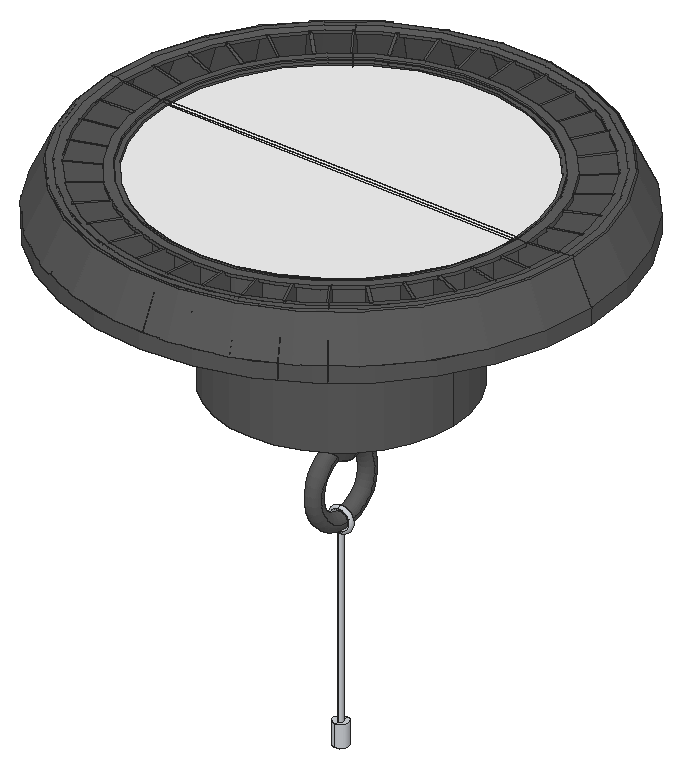
Revit family "0039352 Feilo Sylvania Lighting Fixture START HIGHBAY 6K 26KLM WIDE pendant", category Lighting Fixtures, host Face, Revit 2017
Family settings
  Host = Face
  Round Connector Dimension = Use Diameter
  Part Type = Normal
  OmniClass Number = 23.80.70.00
  OmniClass Title = Lighting
  Cut with Voids When Loaded = No
  Light Source = Yes
  Shared = No
  Room Calculation Point = No
Parameters (values of type "0039352 START HIGHBAY 6K 26KLM WIDE ")
  WidthStraight_FEILO = if(SizeS_FEILO, 3 mm, if(SizeM_FEILO, 4 mm, 4.7 mm))  # 4.7 mm
  WidthRingChamfer_FEILO = if(SizeS_FEILO, 10.3 mm, if(SizeM_FEILO, 11.2 mm, 12.9 mm))  # 12.9 mm
  WidthCurved_FEILO = if(SizeS_FEILO, 17.4 mm, if(SizeM_FEILO, 16.4 mm, 26.2 mm))  # 26.2 mm
  WidthCurvedRing_FEILO = if(SizeS_FEILO, 3 mm, if(SizeM_FEILO, 4 mm, 4.7 mm))  # 4.7 mm
  WidthBracket_FEILO = 40 mm
  Weight = "3.7 kg"
  Wattage Comments = ""
  Wattage = 200 W
  WarrantyStartDate [instance] = "n/a"
  WarrantyGuarantorParts = "n/a"
  WarrantyDurationUnit = "n/a"
  WarrantyDurationParts = "n/a"
  WarrantyDescription = "n/a"
  built-in parameter 1150110 = 1 (stored number, unit not read)
  Voltage = 230 V
  VisibilityBracket_FEILO = no
  URL = "http://www.sylvania-lighting.com"
  TypeName = "START HIGHBAY 6K 26KLM WIDE"
  Type Image = <None>
  Type Comments = "n/a"
  built-in parameter 1114217 = 1 (stored number, unit not read)
  Tilt Angle = -90.00°
  ThicknessWall_FEILO = 1.5 mm
  ThicknessBracket_FEILO = 1.5 mm
  ThicknessBracketHalf_FEILO = ThicknessBracket_FEILO / 2  # 0.75 mm
  built-in parameter 1150109 = 1 (stored number, unit not read)
  built-in parameter 1150134 = 1
  SuspensionHeight_FEILO [instance] = 350 mm
  built-in parameter 1150113 = 1 (stored number, unit not read)
  SizeS_FEILO = no
  SizeM_FEILO = no
  SerialNumber [instance] = "n/a"
  Rib4_FEILO = if(SizeS_FEILO, 18.1 mm, if(SizeM_FEILO, 13.6 mm, 14.6 mm))  # 14.6 mm
  Rib3_FEILO = if(SizeS_FEILO, 15.3 mm, if(SizeM_FEILO, 17.6 mm, 20.2 mm))  # 20.2 mm
  Rib2_FEILO = if(SizeS_FEILO, 3.6 mm, if(SizeM_FEILO, 3.9 mm, 4.5 mm))  # 4.5 mm
  Rib1_FEILO = if(SizeS_FEILO, 15.1 mm, if(SizeM_FEILO, 16.5 mm, 19 mm))  # 19 mm
  RadiusDiffuser_FEILO = if(SizeS_FEILO, 95.2 mm, if(SizeM_FEILO, 105.3 mm, 120 mm))  # 120 mm
  RadiusArrayPost_FEILO = DriverRadius_FEILO - 6 mm  # 70.4 mm
  RHRadius3_FEILO = if(SizeS_FEILO, 6.6 mm, if(SizeM_FEILO, 7.4 mm, 8.6 mm))  # 8.6 mm
  RHRadius2_FEILO = if(SizeS_FEILO, 11 mm, if(SizeM_FEILO, 12 mm, 14 mm))  # 14 mm
  RHRadius1_FEILO = if(SizeS_FEILO, 13.6 mm, if(SizeM_FEILO, 14.9 mm, 17.7 mm))  # 17.7 mm
  RHHeight4_FEILO = if(SizeS_FEILO, 7.3 mm, if(SizeM_FEILO, 8 mm, 9.2 mm))  # 9.2 mm
  RHHeight3_FEILO = if(SizeS_FEILO, 3.6 mm, if(SizeM_FEILO, 3.7 mm, 4.6 mm))  # 4.6 mm
  RHHeight2_FEILO = if(SizeS_FEILO, 2 mm, if(SizeM_FEILO, 2.2 mm, 2.6 mm))  # 2.6 mm
  RHHeight1_FEILO = if(SizeS_FEILO, 11.8 mm, if(SizeM_FEILO, 15.3 mm, 17.4 mm))  # 17.4 mm
  Photometric Web File = "0039352.ies"
  Material_3_FEILO = LED-Sylvania-StartHighbay-Glow
  PowerFactor = 0.95
  PowerConsumption = "200 W"
  NominalLength = 339 mm
  NominalHeight = 194 mm
  NominalDepth = 339 mm
  Name = "START HIGHBAY 6K 26KLM WIDE"
  ModelReference = Name  # "START HIGHBAY 6K 26KLM WIDE"
  ModelNumber = "0039352"
  Model = Name  # "START HIGHBAY 6K 26KLM WIDE"
  Material = "aluminium alloy housing, polycarbonate diffuser"
  ManufacturerName = "Feilo Sylvania"
  Manufacturer = "Feilo Sylvania"
  LuminousEfficacy = "130 lm/W"
  built-in parameter 1150105 = 13836.2 (stored number, unit not read)
  Lumens = 26000 lm
  LuminaireType = ""
  built-in parameter 1150115 = 1 (stored number, unit not read)
  LightOutputRatio = "n/a"
  built-in parameter 1150137 = (empty or 0)
  built-in parameter 1150139 = (empty or 0)
  LampsType = Lamp  # "LED"
  LampNominalLuminous = "26000 lm"
  LampMacAdamStep = "n/a"
  LampColourTemperature = "6500 K"
  LampColourRenderingIndex = "80"
  built-in parameter 1150112 = 1 (stored number, unit not read)
  built-in parameter 1150114 = 1 (stored number, unit not read)
  Lamp = "LED"
  Keynote = "16500"
  InstallationDate [instance] = "n/a"
  InputVoltage = "220-240V~"
  InputNominalFrequency = "50/60 Hz"
  built-in parameter 1150132 = (empty or 0)
  built-in parameter 1150102 = (empty or 0)
  built-in parameter 1150107 = 6500 (stored number, unit not read)
  built-in parameter 1150138 = (empty or 0)
  IngressProtection = "IP65"
  ImpactProtectionIndex = "IK08"
  built-in parameter 1150106 = 138.36 (stored number, unit not read)
  IfcExportType = "IfcLightFixtureType"
  IfcExportAs = "IfcLightFixtureType"
  HeightRing_FEILO = if(SizeS_FEILO, 19.8 mm, if(SizeM_FEILO, 32 mm, 36.8 mm))  # 36.8 mm
  HeightRingChamfer_FEILO = if(SizeS_FEILO, 11.7 mm, if(SizeM_FEILO, 23.2 mm, 26.6 mm))  # 26.6 mm
  EyeThickness_FEILO = if(SizeS_FEILO, 8.4 mm, if(SizeM_FEILO, 9.2 mm, 10.5 mm))  # 10.5 mm
  EyeThicknessHalf_FEILO = EyeThickness_FEILO / 2  # 5.25 mm
  EyeInner_FEILO = if(SizeS_FEILO, 13.8 mm, if(SizeM_FEILO, 15.1 mm, 17.3 mm))  # 17.3 mm
  ExpectedLife = 50000
  Emit from Circle Diameter = RadiusDiffuser_FEILO * 2  # 240 mm
  Emit Shape Visible in Rendering = no
  ElectricShockClassification = "Class I"
  built-in parameter 1150104 = 12.077 (stored number, unit not read)
  DurationUnit = "hours"
  DriverVerticalStraight_FEILO = if(SizeS_FEILO, 46.5 mm, if(SizeM_FEILO, 49.7 mm, 57 mm))  # 57 mm
  DriverVerticalChamfer_FEILO = if(SizeS_FEILO, 7.5 mm, if(SizeM_FEILO, 8.2 mm, 9.5 mm))  # 9.5 mm
  DriverRadius_FEILO = if(SizeS_FEILO, 61.4 mm, if(SizeM_FEILO, 67.2 mm, 76.4 mm))  # 76.4 mm
  DriverRadiusTop_FEILO = if(SizeS_FEILO, 42 mm, if(SizeM_FEILO, 45.3 mm, 52.4 mm))  # 52.4 mm
  DriverBottom_FEILO = if(SizeS_FEILO, 56 mm, if(SizeM_FEILO, 64.5 mm, 74 mm))  # 74 mm
  DocumentationLiterature = "http://www.sylvania-lighting.com/product/en-int/products/0039352"
  DimmingControlOptions = "n/a"
  Material_2_FEILO = Diffuser-Sylvania-StartHighbay-Transparent
  Radius_FEILO = if(SizeS_FEILO, 135 mm, if(SizeM_FEILO, 148 mm, 169.5 mm))  # 169.5 mm
  Dimming Lamp Color Temperature Shift = <None>
  DiameterWire_FEILO = 3 mm
  DiameterWireSupport_FEILO = 10 mm
  Description = "START HIGHBAY, includes 1 m cables, black aluminium housing, 26000LM, 200W, 130lm/W, 6500K, Driver current: 5000mA, CR80, 60° beam angle, 1-10V dimmable,  IP65, IK08, 50,000 hrs (L70B50), (LxWxH) 339x339x194mm"
  Default Elevation = 1219.2 mm
  CreatedOn = "2/28/2018"
  CreatedBy = ""
  Cost = 0
  Color Filter = 16777215
  built-in parameter 1114216 [instance] = (empty or 0)
  ClassificationValue = "EF_70_80"
  ClassificationName = "Uniclass2015"
  Material_1_FEILO = Body-Sylvania-StartHighbay-Black
  BarCode [instance] = "n/a"
  built-in parameter 1114218 = 1 (stored number, unit not read)
  built-in parameter 1150133 = 10 (stored number, unit not read)
  AssetType = "Fixed"
  AssetIdentifier [instance] = "n/a"
  Assembly Code = "D5020200"
  Apparent Load = 200 VA
  Material_4_FEILO = none
Reference planes
  plane 1 "Center (Front/Back)": y = 0
  plane 2: z = 0
  plane 3 "Center (Left/Right)": x = 0
  plane 4: z = 350
  plane 5: x = -169.5
  plane 6: x = -156.6
  plane 7: z = 323.4
  plane 8: z = 313.2
  plane 9: x = -151.9
  plane 10: z = 347.375
  plane 11: x = -125.7
  plane 12: x = -120
  plane 13: x = -147.2
  plane 14: z = 348.375
  plane 15: z = 346.375
  plane 16: x = -117
  plane 17: z = 345.375
  plane 18: x = -168
  plane 19: x = -150.5
  plane 20: z = 308.7
  plane 21: x = -130.3
  plane 22: z = 294.1
  plane 23: x = -20
  plane 24: z = 276
  plane 25: x = -76.4
  plane 26: z = 219
  plane 27: x = -52.4
  plane 28: z = 209.5
  plane 29: x = -17.7
  plane 30: z = 192.1
  plane 31: z = 189.5
  plane 32: x = -14
  plane 33: z = 184.9
  plane 34: z = 175.7
  plane 35: x = -8.6
  plane 36: z = 158.4
  plane 37: z = 141.1
  plane 38: x = 5.25
  plane 39: x = -5.25
  plane 40: z = 130.6
  plane 41: z = 135.85
  plane 42: x = -162.3
  plane 43: x = -167
  plane 44: z = 311.7
  plane 45: x = -155.1
  plane 46: z = 247.5
  plane 47: y = -20
  plane 48: y = 20
  plane 49: x = 169.5
  plane 50: x = 156.6
  plane 51: x = 168
  plane 52: x = 162.3
  plane 53: x = 167
  plane 54: x = 155.1
  plane 55: z = 144.1
  plane 56: y = 1.5
  plane 57: y = -1.5
  plane 58: z = 142.6
  plane 59: z = 129.1
  plane 60: z = 127.6
  plane 61: y = -5
  plane 62: y = 5
  plane 63: z = 14
Forms (mm)
  Revolve 1, solid, material "Body-Sylvania-StartHighbay-Black" <- "Material_1_FEILO", detail levels medium+fine
    sketch origin (0, 0, 0) x (1, 0, 0) y (0, 0, 1)
      loop
        line (-169.5, 313.2) -> (-168, 313.2) -> (-168, 323.055) -> (-156.206, 347.375) -> (-147.2, 347.375) -> (-147.2, 349.137)
        arc (-147.2, 349.137) -> (-149.554, 349.547) -> (-151.9, 350) r 132.063
        line (-151.9, 350) -> (-156.141, 350)
        arc (-156.141, 350) -> (-156.63, 349.826) -> (-156.899, 349.383) r 0.774
        line (-156.899, 349.383) -> (-169.5, 323.4) -> (-169.5, 313.2)
      axis (0, 350) -> (0, 313.2)
    angle from 360 to 0
  Revolve 2, solid, material "Body-Sylvania-StartHighbay-Black" <- "Material_1_FEILO", detail levels medium+fine
    sketch origin (0, 0, 0) x (1, 0, 0) y (0, 0, 1)
      loop
        line (-125.7, 345.375) -> (-120, 345.375) -> (-120, 323.4) -> (0, 323.4) -> (0, 345.375) -> (-117, 345.375) -> (-117, 346.375) -> (-120, 346.375) -> (-120, 347.375) -> (-125.7, 347.375) -> (-125.7, 345.375)
      axis (0, 347.375) -> (0, 323.4)
    angle from 360 to 0
  Revolve 3, solid, material "Diffuser-Sylvania-StartHighbay-Transparent" <- "Material_2_FEILO", detail levels medium+fine
    sketch origin (0, 0, 0) x (1, 0, 0) y (0, 0, 1)
      loop
        line (-120, 346.375) -> (0, 346.375) -> (0, 348.375) -> (-120, 348.375) -> (-120, 346.375)
      axis (0, 348.375) -> (0, 346.375)
    angle from 360 to 0
  Revolve 4, solid, material "Body-Sylvania-StartHighbay-Black" <- "Material_1_FEILO"
    sketch origin (0, 0, 0) x (1, 0, 0) y (0, 0, 1)
      loop
        line (-76.4, 294.1) -> (-76.4, 219) -> (-52.4, 209.5) -> (-17.7, 209.5) -> (-17.7, 192.1) -> (-14, 189.5) -> (-14, 184.9) -> (-9.037, 176.426)
        arc (-9.037, 176.426) -> (-8.49, 175.894) -> (-7.753, 175.7) r 1.5
        line (-7.753, 175.7) -> (0, 175.7) -> (0, 294.1) -> (-76.4, 294.1)
      axis (0, 294.1) -> (0, 175.7)
    angle from 360 to 0
  Revolve 5, solid, material "Body-Sylvania-StartHighbay-Black" <- "Material_1_FEILO"
    sketch origin (0, 0, 0) x (1, 0, 0) y (0, 0, 1)
      loop
        circle (0, 135.85) r 5.25
      axis (5.25, 158.4) -> (-5.25, 158.4)
    angle from 360 to 0
  Extrusion 6, solid, material "Body-Sylvania-StartHighbay-Black" <- "Material_1_FEILO", visible <- "VisibilityBracket_FEILO"
    sketch origin (0, 0, 0) x (1, 0, 0) y (0, 0, 1)
      loop
        line (-167, 313.2) -> (-167, 311.7) -> (-157.35, 311.7)
        arc (-157.35, 311.7) -> (-156.82, 311.48) -> (-156.6, 310.95) r 0.75
        line (-156.6, 310.95) -> (-156.6, 247.5) -> (-155.1, 247.5) -> (-155.1, 311.7)
        arc (-155.1, 311.7) -> (-155.539, 312.761) -> (-156.6, 313.2) r 1.5
        line (-156.6, 313.2) -> (-167, 313.2)
      loop
        line (167, 313.2) -> (156.6, 313.2)
        arc (156.6, 313.2) -> (155.539, 312.761) -> (155.1, 311.7) r 1.5
        line (155.1, 311.7) -> (155.1, 247.5) -> (156.6, 247.5) -> (156.6, 310.95)
        arc (156.6, 310.95) -> (156.82, 311.48) -> (157.35, 311.7) r 0.75
        line (157.35, 311.7) -> (167, 311.7) -> (167, 313.2)
    from -20 to 20
  Extrusion 7, void
    sketch origin (0, 0, 0) x (0, 1, 0) y (0, 0, 1)
      loop
        arc (-10, 247.5) -> (-17.071, 250.429) -> (-20, 257.5) r 10
        line (-20, 257.5) -> (-25, 257.5) -> (-25, 242.5) -> (-10, 242.5) -> (-10, 247.5)
      loop
        line (10, 247.5) -> (10, 242.5) -> (25, 242.5) -> (25, 257.5) -> (20, 257.5)
        arc (20, 257.5) -> (17.071, 250.429) -> (10, 247.5) r 10
    from -156.6 to 156.6
  Revolve 8, solid, material "Body-Sylvania-StartHighbay-Black" <- "Material_1_FEILO", detail levels coarse
    sketch origin (0, 0, 0) x (1, 0, 0) y (0, 0, 1)
      loop
        line (0, 350) -> (-156.6, 350) -> (-169.5, 323.4) -> (-169.5, 313.2) -> (-150.5, 313.2) -> (-150.5, 308.7) -> (-130.3, 294.1) -> (0, 294.1) -> (0, 350)
      axis (0, 350) -> (0, 294.1)
    angle from 360 to 0
  Revolve 9, solid
    sketch origin (0, 0, 0) x (0, 1, 0) y (0, 0, 1)
      loop
        circle (0, 142.6) r 1.5
      axis (1.5, 135.85) -> (-1.5, 135.85)
    angle from 360 to 0
  Revolve 10, solid
    sketch origin (0, 0, 0) x (0, 1, 0) y (0, 0, 1)
      loop
        line (0, 0) -> (0, 129.1) -> (-1.5, 129.1) -> (-1.5, 14) -> (-5, 14) -> (-5, 0) -> (0, 0)
      axis (0, 0) -> (0, 129.1)
    angle from 360 to 0
Cuts and joins
  Extrusion 7 cuts Extrusion 6
Lines and regions (mm)
  reference lines
    curve 1: line (-169.5, 0, 323.4) -> (-156.6, 0, 350)
    curve 2: line (-125.7, 0, 347.375) -> (0, 0, 347.375)
    curve 3: arc (-125.7, 0, 347.375) -> (-138.866, 0, 348.033) -> (-151.9, 0, 350) r 132.063
    curve 4: line (-156.6, 0, 350) -> (-151.9, 0, 350)
    curve 5: line (-156.206, 0, 347.375) -> (-168, 0, 323.055)
    curve 6: line (-150.5, 0, 308.7) -> (-130.3, 0, 294.1)
    curve 7: line (-14, 0, 184.9) -> (-8.6, 0, 175.7)
    curve 8: circle (0, 0, 135.85) r 5.25 normal (0, -1, 0)
Dimensions and locks
  "Radius_FEILO": plane 3 "Center (Left/Right)" to plane 5
  "WidthRingChamfer_FEILO": plane 6 to plane 5
  "WidthStraight_FEILO": plane 9 to plane 6
  "WidthCurvedRing_FEILO": plane 13 to plane 9
  locked: plane 10 to plane 15 at 1
  locked: plane 14 to plane 10 at 1
  locked: plane 4 to plane 10 at 2.625
  locked: plane 15 to plane 17 at 1
  "ThicknessWall_FEILO": plane 18 to plane 5
  "ThicknessWall_FEILO": curve 5 to curve 1
  "HeightRingChamfer_FEILO": plane 4 to plane 7
  "HeightRing_FEILO": plane 4 to plane 8
  "RadiusDiffuser_FEILO": plane 3 "Center (Left/Right)" to plane 12
  locked: plane 16 to plane 12 at 3
  "WidthCurved_FEILO": plane 11 to plane 9
  "SuspensionHeight_FEILO": plane 4 to plane 2
  "Rib1_FEILO": plane 19 to plane 5
  "Rib2_FEILO": plane 8 to plane 20
  "Rib3_FEILO": plane 21 to plane 19
  "Rib4_FEILO": plane 20 to plane 22
  locked: plane 3 "Center (Left/Right)" to plane 23 at 20
  "DriverBottom_FEILO": plane 4 to plane 24
  "DriverRadius_FEILO": plane 3 "Center (Left/Right)" to plane 25
  "DriverVerticalStraight_FEILO": plane 24 to plane 26
  "DriverRadiusTop_FEILO": plane 3 "Center (Left/Right)" to plane 27
  "DriverVerticalChamfer_FEILO": plane 26 to plane 28
  "RHRadius1_FEILO": plane 3 "Center (Left/Right)" to plane 29
  "RHHeight2_FEILO": plane 30 to plane 31
  "RHRadius2_FEILO": plane 3 "Center (Left/Right)" to plane 32
  "RHHeight3_FEILO": plane 31 to plane 33
  "RHHeight4_FEILO": plane 33 to plane 34
  "RHRadius3_FEILO": plane 3 "Center (Left/Right)" to plane 35
  "RHHeight1_FEILO": plane 28 to plane 30
  "EyeInner_FEILO": plane 34 to plane 36
  "EyeInner_FEILO": plane 36 to plane 37
  equal spacing: plane 38, plane 3 "Center (Left/Right)", plane 39
  "EyeThickness_FEILO": plane 38 to plane 39
  "EyeThickness_FEILO": plane 37 to plane 40
  equal spacing: plane 37, plane 41, plane 40
  equal spacing: plane 6, plane 42, plane 18
  "ThicknessBracket_FEILO": plane 45 to plane 6
  "ThicknessBracket_FEILO": plane 8 to plane 44
  locked: plane 43 to plane 18 at 1
  equal spacing: plane 24, plane 46, plane 26
  equal spacing: plane 47, plane 1 "Center (Front/Back)", plane 48
  "WidthBracket_FEILO": plane 47 to plane 48
  "WidthRingChamfer_FEILO": plane 50 to plane 49
  "ThicknessWall_FEILO": plane 51 to plane 49
  equal spacing: plane 50, plane 52, plane 51
  "ThicknessBracket_FEILO": plane 54 to plane 50
  locked: plane 53 to plane 51 at 1
  "Radius_FEILO": plane 49 to plane 3 "Center (Left/Right)"
  equal spacing: plane 57, imposter light, plane 56
  "DiameterWire_FEILO": plane 57 to plane 56
  "DiameterWire_FEILO": plane 37 to plane 55
  equal spacing: plane 37, plane 58, plane 55
  "DiameterWire_FEILO": plane 60 to plane 40
  equal spacing: plane 60, plane 59, plane 40
  equal spacing: plane 61, plane 1 "Center (Front/Back)", plane 62
  "DiameterWireSupport_FEILO": plane 61 to plane 62
  locked: plane 63 to plane 2 at 14
  "EyeThicknessHalf_FEILO": radius of curve 8
  "ThicknessBracket_FEILO": radius of Extrusion 6 sketch curve  (x2)
  "ThicknessBracketHalf_FEILO": radius of Extrusion 6 sketch curve  (x2)
  "DiameterWire_FEILO": diameter of Revolve 9 sketch curve
  aligned and locked: plane 2 to host face
  aligned and locked: level to host face
  aligned and locked: plane 5 to curve 1
  aligned and locked: plane 6 to curve 1
  aligned and locked: plane 7 to curve 1
  aligned and locked: plane 10 to curve 2
  aligned and locked: plane 9 to curve 3
  aligned and locked: plane 4 to curve 3
  aligned and locked: plane 11 to curve 3
  aligned and locked: plane 4 to curve 4
  aligned and locked: plane 18 to curve 5
  aligned and locked: plane 10 to curve 5
  aligned and locked: Revolve 1 sketch curve to plane 3 "Center (Left/Right)"
  aligned and locked: Revolve 1 sketch curve to curve 3
  aligned and locked: Revolve 1 sketch curve to curve 1
  aligned and locked: plane 4 to Revolve 1 sketch curve
  aligned and locked: plane 9 to Revolve 1 sketch curve
  aligned and locked: Revolve 1 sketch curve to plane 13
  aligned and locked: Revolve 1 sketch curve to plane 10
  aligned and locked: plane 13 to Revolve 1 sketch curve
  aligned and locked: plane 10 to Revolve 1 sketch curve
  aligned and locked: Revolve 1 sketch curve to plane 18
  aligned and locked: Revolve 1 sketch curve to plane 8
  aligned and locked: plane 5 to Revolve 1 sketch curve  (x2)
  aligned and locked: Revolve 2 sketch curve to plane 3 "Center (Left/Right)"
  aligned and locked: plane 11 to Revolve 2 sketch curve
  aligned and locked: Revolve 2 sketch curve to curve 2
  aligned and locked: plane 15 to Revolve 2 sketch curve
  aligned and locked: Revolve 2 sketch curve to plane 16
  aligned and locked: plane 17 to Revolve 2 sketch curve  (x2)
  aligned and locked: Revolve 2 sketch curve to plane 12
  aligned and locked: plane 7 to Revolve 2 sketch curve
  aligned and locked: Revolve 3 sketch curve to plane 3 "Center (Left/Right)"
  aligned and locked: Revolve 3 sketch curve to plane 14
  aligned and locked: plane 3 "Center (Left/Right)" to Revolve 3 sketch curve
  aligned and locked: Revolve 3 sketch curve to plane 12
  aligned and locked: plane 15 to Revolve 3 sketch curve
  aligned and locked: Revolve 1 sketch curve to curve 5
  aligned and locked: plane 22 to curve 6
  aligned and locked: plane 21 to curve 6
  aligned and locked: plane 20 to curve 6
  aligned and locked: plane 19 to curve 6
  aligned and locked: plane 33 to curve 7
  aligned and locked: plane 32 to curve 7
  aligned and locked: plane 35 to curve 7
  aligned and locked: plane 34 to curve 7
  aligned and locked: Revolve 4 sketch curve to plane 3 "Center (Left/Right)"
  aligned and locked: Revolve 4 sketch curve to plane 25
  aligned and locked: plane 27 to Revolve 4 sketch curve
  aligned and locked: plane 28 to Revolve 4 sketch curve
  aligned and locked: plane 30 to Revolve 4 sketch curve
  aligned and locked: Revolve 4 sketch curve to plane 29
  aligned and locked: plane 31 to Revolve 4 sketch curve
  aligned and locked: Revolve 4 sketch curve to curve 7
  aligned and locked: Revolve 4 sketch curve to plane 32
  aligned and locked: plane 34 to Revolve 4 sketch curve
  aligned and locked: plane 3 "Center (Left/Right)" to Revolve 4 sketch curve
  aligned and locked: plane 3 "Center (Left/Right)" to curve 8
  aligned and locked: plane 41 to curve 8
  aligned and locked: Revolve 5 sketch curve to plane 36
  aligned and locked: Revolve 5 sketch curve to curve 8
  aligned and locked: plane 43 to Extrusion 6 sketch curve  (x2)
  aligned and locked: plane 8 to Extrusion 6 sketch curve  (x3)
  aligned and locked: Extrusion 6 sketch curve to plane 45
  aligned and locked: Extrusion 6 sketch curve to plane 46  (x2)
  aligned and locked: plane 6 to Extrusion 6 sketch curve
  aligned and locked: Extrusion 6 sketch curve to plane 44  (x2)
  aligned and locked: Extrusion 6 to plane 48
  aligned and locked: plane 47 to Extrusion 6
  aligned and locked: plane 53 to Extrusion 6 sketch curve
  aligned and locked: plane 50 to Extrusion 6 sketch curve
  aligned and locked: Extrusion 6 sketch curve to plane 54
  aligned and locked: Extrusion 7 sketch curve to Extrusion 7 sketch curve
  aligned and locked: Extrusion 7 to plane 6
  aligned and locked: Extrusion 7 to Extrusion 6
  aligned and locked: Revolve 4 sketch curve to plane 22
  aligned and locked: plane 23 to nested 1
  aligned and locked: plane 1 "Center (Front/Back)" to nested 1
  aligned and locked: Revolve 8 sketch curve to plane 3 "Center (Left/Right)"
  aligned and locked: Revolve 8 sketch curve to plane 4
  aligned and locked: plane 6 to Revolve 8 sketch curve
  aligned and locked: plane 4 to Revolve 8 sketch curve
  aligned and locked: plane 7 to Revolve 8 sketch curve
  aligned and locked: Revolve 8 sketch curve to plane 5
  aligned and locked: plane 8 to Revolve 8 sketch curve  (x2)
  aligned and locked: Revolve 8 sketch curve to plane 19
  aligned and locked: plane 20 to Revolve 8 sketch curve
  aligned and locked: plane 19 to Revolve 8 sketch curve
  aligned and locked: plane 21 to Revolve 8 sketch curve
  aligned and locked: plane 22 to Revolve 8 sketch curve  (x2)
  aligned and locked: Revolve 8 sketch curve to Revolve 8 sketch curve
  aligned and locked: imposter light to plane 4
  aligned and locked: plane 3 "Center (Left/Right)" to imposter light
  aligned and locked: imposter light to plane 1 "Center (Front/Back)"
  aligned and locked: Revolve 9 sketch curve to plane 41
  aligned and locked: Revolve 10 sketch curve to plane 1 "Center (Front/Back)"
  aligned and locked: plane 1 "Center (Front/Back)" to Revolve 10 sketch curve  (x2)
  aligned and locked: host face to Revolve 10 sketch curve
  aligned and locked: plane 63 to Revolve 10 sketch curve
  aligned and locked: Revolve 10 sketch curve to plane 61
  aligned and locked: Revolve 10 sketch curve to plane 57
  aligned and locked: plane 59 to Revolve 10 sketch curve
Automatic sketch dimensions
  host sketch curve to host sketch curve = 2438.4 mm  (x2)
  curve 2 to plane 3 "Center (Left/Right)" = 0 mm
  Revolve 1 sketch curve to plane 6 = 0.299 mm
  plane 6 to Revolve 1 sketch curve = 0.459 mm
  Revolve 1 sketch curve to level = 609.6 mm
  Revolve 1 sketch curve to Revolve 1 sketch curve = 2312.223 mm
  Revolve 2 sketch curve to plane 12 = 0 mm
  Revolve 2 sketch curve to plane 3 "Center (Left/Right)" = 0 mm
  Revolve 2 sketch curve to level = 609.6 mm
  Revolve 2 sketch curve to plane 4 = 2339.058 mm
  Revolve 3 sketch curve to level = 609.6 mm
  Revolve 3 sketch curve to plane 4 = 2339.058 mm
  Revolve 5 sketch curve to plane 5 = 1080 mm
  plane 38 to Revolve 5 sketch curve = 1219.2 mm
  Extrusion 7 sketch curve to plane 47 = 0 mm
  plane 46 to Extrusion 7 sketch curve = 0 mm  (x2)
  Extrusion 7 sketch curve to plane 48 = 0 mm
  plane 47 to Extrusion 7 sketch curve = 5 mm
  plane 1 "Center (Front/Back)" to Extrusion 7 sketch curve = 10 mm
  Extrusion 7 sketch curve to Extrusion 7 sketch curve = 10 mm
  plane 46 to Extrusion 7 sketch curve = 5 mm
  Extrusion 7 sketch curve to Extrusion 7 sketch curve = 5 mm
  Extrusion 7 sketch curve to plane 48 = 5 mm
  Revolve 4 sketch curve to plane 26 = 0 mm
  Revolve 4 sketch curve to plane 35 = 0.437 mm
  plane 35 to Revolve 4 sketch curve = 0.847 mm
  Revolve 4 sketch curve to plane 34 = 0.726 mm
  plane 40 to Revolve 4 sketch curve = 590.2 mm
  Revolve 4 sketch curve to plane 4 = 2339.058 mm
  Revolve 8 sketch curve to level = 609.6 mm
  Revolve 8 sketch curve to Revolve 8 sketch curve = 2386.058 mm
  Revolve 9 sketch curve to plane 1 "Center (Front/Back)" = 0 mm
  plane 58 to Revolve 9 sketch curve = 0 mm
  plane 47 to Revolve 9 sketch curve = 2534.941 mm
  Revolve 9 sketch curve to plane 48 = 2077.409 mm
  Revolve 10 sketch curve to Revolve 10 sketch curve = 609.6 mm
  Revolve 10 sketch curve to plane 4 = 2123.807 mm
Nested families
  nested 1: "Start Highbay Rib" at (0, 0, 347.375), type "Type Name", detail levels medium+fine
    with SuspensionHeight_FEILO 2.6 mm
  nested 2: "Start Highbay Rib" at (0, 0, 347.375) x (0.9877, 0.1564, 0) z (0, 0, 1), type "Type Name", detail levels medium+fine
    with SuspensionHeight_FEILO 2.6 mm
  nested 3: "Start Highbay Rib" at (0, 0, 347.375) x (0.9511, 0.309, 0) z (0, 0, 1), type "Type Name", detail levels medium+fine
    with SuspensionHeight_FEILO 2.6 mm
  nested 4: "Start Highbay Rib" at (0, 0, 347.375) x (0.891, 0.454, 0) z (0, 0, 1), type "Type Name", detail levels medium+fine
    with SuspensionHeight_FEILO 2.6 mm
  nested 5: "Start Highbay Rib" at (0, 0, 347.375) x (0.809, 0.5878, 0) z (0, 0, 1), type "Type Name", detail levels medium+fine
    with SuspensionHeight_FEILO 2.6 mm
  nested 6: "Start Highbay Rib" at (0, 0, 347.375) x (0.7071, 0.7071, 0) z (0, 0, 1), type "Type Name", detail levels medium+fine
    with SuspensionHeight_FEILO 2.6 mm
  nested 7: "Start Highbay Rib" at (0, 0, 347.375) x (0.5878, 0.809, 0) z (0, 0, 1), type "Type Name", detail levels medium+fine
    with SuspensionHeight_FEILO 2.6 mm
  nested 8: "Start Highbay Rib" at (0, 0, 347.375) x (0.454, 0.891, 0) z (0, 0, 1), type "Type Name", detail levels medium+fine
    with SuspensionHeight_FEILO 2.6 mm
  nested 9: "Start Highbay Rib" at (0, 0, 347.375) x (0.309, 0.9511, 0) z (0, 0, 1), type "Type Name", detail levels medium+fine
    with SuspensionHeight_FEILO 2.6 mm
  nested 10: "Start Highbay Rib" at (0, 0, 347.375) x (0.1564, 0.9877, 0) z (0, 0, 1), type "Type Name", detail levels medium+fine
    with SuspensionHeight_FEILO 2.6 mm
  nested 11: "Start Highbay Rib" at (0, 0, 347.375) x (0, 1, 0) z (0, 0, 1), type "Type Name", detail levels medium+fine
    with SuspensionHeight_FEILO 2.6 mm
  nested 12: "Start Highbay Rib" at (0, 0, 347.375) x (-0.1564, 0.9877, 0) z (0, 0, 1), type "Type Name", detail levels medium+fine
    with SuspensionHeight_FEILO 2.6 mm
  nested 13: "Start Highbay Rib" at (0, 0, 347.375) x (-0.309, 0.9511, 0) z (0, 0, 1), type "Type Name", detail levels medium+fine
    with SuspensionHeight_FEILO 2.6 mm
  nested 14: "Start Highbay Rib" at (0, 0, 347.375) x (-0.454, 0.891, 0) z (0, 0, 1), type "Type Name", detail levels medium+fine
    with SuspensionHeight_FEILO 2.6 mm
  nested 15: "Start Highbay Rib" at (0, 0, 347.375) x (-0.5878, 0.809, 0) z (0, 0, 1), type "Type Name", detail levels medium+fine
    with SuspensionHeight_FEILO 2.6 mm
  nested 16: "Start Highbay Rib" at (0, 0, 347.375) x (-0.7071, 0.7071, 0) z (0, 0, 1), type "Type Name", detail levels medium+fine
    with SuspensionHeight_FEILO 2.6 mm
  nested 17: "Start Highbay Rib" at (0, 0, 347.375) x (-0.809, 0.5878, 0) z (0, 0, 1), type "Type Name", detail levels medium+fine
    with SuspensionHeight_FEILO 2.6 mm
  nested 18: "Start Highbay Rib" at (0, 0, 347.375) x (-0.891, 0.454, 0) z (0, 0, 1), type "Type Name", detail levels medium+fine
    with SuspensionHeight_FEILO 2.6 mm
  nested 19: "Start Highbay Rib" at (0, 0, 347.375) x (-0.9511, 0.309, 0) z (0, 0, 1), type "Type Name", detail levels medium+fine
    with SuspensionHeight_FEILO 2.6 mm
  nested 20: "Start Highbay Rib" at (0, 0, 347.375) x (-0.9877, 0.1564, 0) z (0, 0, 1), type "Type Name", detail levels medium+fine
    with SuspensionHeight_FEILO 2.6 mm
  nested 21: "Start Highbay Rib" at (0, 0, 347.375) x (-1, 0, 0) z (0, 0, 1), type "Type Name", detail levels medium+fine
    with SuspensionHeight_FEILO 2.6 mm
  nested 22: "Start Highbay Rib" at (0, 0, 347.375) x (-0.9877, -0.1564, 0) z (0, 0, 1), type "Type Name", detail levels medium+fine
    with SuspensionHeight_FEILO 2.6 mm
  nested 23: "Start Highbay Rib" at (0, 0, 347.375) x (-0.9511, -0.309, 0) z (0, 0, 1), type "Type Name", detail levels medium+fine
    with SuspensionHeight_FEILO 2.6 mm
  nested 24: "Start Highbay Rib" at (0, 0, 347.375) x (-0.891, -0.454, 0) z (0, 0, 1), type "Type Name", detail levels medium+fine
    with SuspensionHeight_FEILO 2.6 mm
  nested 25: "Start Highbay Rib" at (0, 0, 347.375) x (-0.809, -0.5878, 0) z (0, 0, 1), type "Type Name", detail levels medium+fine
    with SuspensionHeight_FEILO 2.6 mm
  nested 26: "Start Highbay Rib" at (0, 0, 347.375) x (-0.7071, -0.7071, 0) z (0, 0, 1), type "Type Name", detail levels medium+fine
    with SuspensionHeight_FEILO 2.6 mm
  nested 27: "Start Highbay Rib" at (0, 0, 347.375) x (-0.5878, -0.809, 0) z (0, 0, 1), type "Type Name", detail levels medium+fine
    with SuspensionHeight_FEILO 2.6 mm
  nested 28: "Start Highbay Rib" at (0, 0, 347.375) x (-0.454, -0.891, 0) z (0, 0, 1), type "Type Name", detail levels medium+fine
    with SuspensionHeight_FEILO 2.6 mm
  nested 29: "Start Highbay Rib" at (0, 0, 347.375) x (-0.309, -0.9511, 0) z (0, 0, 1), type "Type Name", detail levels medium+fine
    with SuspensionHeight_FEILO 2.6 mm
  nested 30: "Start Highbay Rib" at (0, 0, 347.375) x (-0.1564, -0.9877, 0) z (0, 0, 1), type "Type Name", detail levels medium+fine
    with SuspensionHeight_FEILO 2.6 mm
  nested 31: "Start Highbay Rib" at (0, 0, 347.375) x (0, -1, 0) z (0, 0, 1), type "Type Name", detail levels medium+fine
    with SuspensionHeight_FEILO 2.6 mm
  nested 32: "Start Highbay Rib" at (0, 0, 347.375) x (0.1564, -0.9877, 0) z (0, 0, 1), type "Type Name", detail levels medium+fine
    with SuspensionHeight_FEILO 2.6 mm
  nested 33: "Start Highbay Rib" at (0, 0, 347.375) x (0.309, -0.9511, 0) z (0, 0, 1), type "Type Name", detail levels medium+fine
    with SuspensionHeight_FEILO 2.6 mm
  nested 34: "Start Highbay Rib" at (0, 0, 347.375) x (0.454, -0.891, 0) z (0, 0, 1), type "Type Name", detail levels medium+fine
    with SuspensionHeight_FEILO 2.6 mm
  nested 35: "Start Highbay Rib" at (0, 0, 347.375) x (0.5878, -0.809, 0) z (0, 0, 1), type "Type Name", detail levels medium+fine
    with SuspensionHeight_FEILO 2.6 mm
  nested 36: "Start Highbay Rib" at (0, 0, 347.375) x (0.7071, -0.7071, 0) z (0, 0, 1), type "Type Name", detail levels medium+fine
    with SuspensionHeight_FEILO 2.6 mm
  nested 37: "Start Highbay Rib" at (0, 0, 347.375) x (0.809, -0.5878, 0) z (0, 0, 1), type "Type Name", detail levels medium+fine
    with SuspensionHeight_FEILO 2.6 mm
  nested 38: "Start Highbay Rib" at (0, 0, 347.375) x (0.891, -0.454, 0) z (0, 0, 1), type "Type Name", detail levels medium+fine
    with SuspensionHeight_FEILO 2.6 mm
  nested 39: "Start Highbay Rib" at (0, 0, 347.375) x (0.9511, -0.309, 0) z (0, 0, 1), type "Type Name", detail levels medium+fine
    with SuspensionHeight_FEILO 2.6 mm
  nested 40: "Start Highbay Rib" at (0, 0, 347.375) x (0.9877, -0.1564, 0) z (0, 0, 1), type "Type Name", detail levels medium+fine
    with SuspensionHeight_FEILO 2.6 mm
Connectors
  electrical at (0, 0, 0), driven by "Apparent Load", driven by "PowerFactor", driven by "Voltage"
    settings: index 1, voltage 230 V, apparent load 200 VA, apparent load phase1 0 VA, apparent load phase2 0 VA, apparent load phase3 0 VA, power factor 0.95, load classification "Lighting", number of poles 1, system type 30, power factor state 1, is connector primary yes, connector utility no, sub classification motor no, connector description ""
Definition of nested family "Start Highbay Rib"
  Parameters (values of type "Type Name")
    WidthStraight_FEILO = if(SizeS_FEILO, 3 mm, if(SizeM_FEILO, 4 mm, 4.7 mm))  # 3 mm
    WidthRingChamfer_FEILO = if(SizeS_FEILO, 10.3 mm, if(SizeM_FEILO, 11.2 mm, 12.9 mm))  # 10.3 mm
    WidthCurved_FEILO = if(SizeS_FEILO, 17.4 mm, if(SizeM_FEILO, 16.4 mm, 26.2 mm))  # 17.4 mm
    WidthCurvedRing_FEILO = if(SizeS_FEILO, 3 mm, if(SizeM_FEILO, 4 mm, 4.7 mm))  # 3 mm
    WidthBracket_FEILO = 40 mm
    URL = "http://www.feilosylvania.com"
    Type Image = (empty or 0)
    Type Comments = "n/a"
    ThicknessWall_FEILO = 1.5 mm
    ThicknessBracket_FEILO = 1.5 mm
    ThicknessBracketHalf_FEILO = ThicknessBracket_FEILO / 2  # 0.75 mm
    SuspensionHeight_FEILO [instance] = 2.6 mm
    SizeS_FEILO = yes
    SizeM_FEILO = no
    Rib4_FEILO = if(SizeS_FEILO, 18.1 mm, if(SizeM_FEILO, 13.6 mm, 14.6 mm))  # 18.1 mm
    Rib3_FEILO = if(SizeS_FEILO, 15.3 mm, if(SizeM_FEILO, 17.6 mm, 20.2 mm))  # 15.3 mm
    Rib2_FEILO = if(SizeS_FEILO, 3.6 mm, if(SizeM_FEILO, 3.9 mm, 4.5 mm))  # 3.6 mm
    Rib1_FEILO = if(SizeS_FEILO, 15.1 mm, if(SizeM_FEILO, 16.5 mm, 19 mm))  # 15.1 mm
    RadiusRib_FEILO = 2 mm
    RadiusDiffuser_FEILO = if(SizeS_FEILO, 95.2 mm, if(SizeM_FEILO, 105.3 mm, 120 mm))  # 95.2 mm
    RHRadius3_FEILO = if(SizeS_FEILO, 6.6 mm, if(SizeM_FEILO, 7.4 mm, 8.6 mm))  # 6.6 mm
    RHRadius2_FEILO = if(SizeS_FEILO, 11 mm, if(SizeM_FEILO, 12 mm, 14 mm))  # 11 mm
    RHRadius1_FEILO = if(SizeS_FEILO, 13.6 mm, if(SizeM_FEILO, 14.9 mm, 17.7 mm))  # 13.6 mm
    RHHeight4_FEILO = if(SizeS_FEILO, 7.3 mm, if(SizeM_FEILO, 8 mm, 9.2 mm))  # 7.3 mm
    RHHeight3_FEILO = if(SizeS_FEILO, 3.6 mm, if(SizeM_FEILO, 3.7 mm, 4.6 mm))  # 3.6 mm
    RHHeight2_FEILO = if(SizeS_FEILO, 2 mm, if(SizeM_FEILO, 2.2 mm, 2.6 mm))  # 2 mm
    RHHeight1_FEILO = if(SizeS_FEILO, 11.8 mm, if(SizeM_FEILO, 15.3 mm, 17.4 mm))  # 11.8 mm
    Material_3_FEILO = none
    Model = ""
    Manufacturer = "Feilo Sylvania"
    Keynote = "16500"
    HeightRing_FEILO = if(SizeS_FEILO, 19.8 mm, if(SizeM_FEILO, 32 mm, 36.8 mm))  # 19.8 mm
    HeightRingChamfer_FEILO = if(SizeS_FEILO, 11.7 mm, if(SizeM_FEILO, 23.2 mm, 26.6 mm))  # 11.7 mm
    EyeThickness_FEILO = if(SizeS_FEILO, 8.4 mm, if(SizeM_FEILO, 9.2 mm, 10.5 mm))  # 8.4 mm
    EyeThicknessHalf_FEILO = EyeThickness_FEILO / 2  # 4.2 mm
    EyeInner_FEILO = if(SizeS_FEILO, 13.8 mm, if(SizeM_FEILO, 15.1 mm, 17.3 mm))  # 13.8 mm
    DriverVerticalStraight_FEILO = if(SizeS_FEILO, 46.5 mm, if(SizeM_FEILO, 49.7 mm, 57 mm))  # 46.5 mm
    DriverVerticalChamfer_FEILO = if(SizeS_FEILO, 7.5 mm, if(SizeM_FEILO, 8.2 mm, 9.5 mm))  # 7.5 mm
    DriverRadius_FEILO = if(SizeS_FEILO, 61.4 mm, if(SizeM_FEILO, 67.2 mm, 76.4 mm))  # 61.4 mm
    DriverRadiusTop_FEILO = if(SizeS_FEILO, 42 mm, if(SizeM_FEILO, 45.3 mm, 52.4 mm))  # 42 mm
    DriverBottom_FEILO = if(SizeS_FEILO, 56 mm, if(SizeM_FEILO, 64.5 mm, 74 mm))  # 56 mm
    Material_2_FEILO = none
    Radius_FEILO = if(SizeS_FEILO, 135 mm, if(SizeM_FEILO, 148 mm, 169.5 mm))  # 135 mm
    Description = ""
    Default Elevation = 1219.2 mm
    Cost = 0
    Material_1_FEILO = none
    Assembly Code = "D5020200"
    Material_4_FEILO = none
  Reference planes
    plane 1 "Center (Front/Back)": y = 0
    plane 2: z = 0
    plane 3 "Center (Left/Right)": x = 0
    plane 4: z = 2.6
    plane 5: x = -135
    plane 6: x = -124.7
    plane 7: z = -9.1
    plane 8: z = -17.2
    plane 9: x = -121.7
    plane 10: z = -0.025
    plane 11: x = -104.3
    plane 12: x = -95.2
    plane 13: x = -118.7
    plane 14: z = 0.975
    plane 15: z = -1.025
    plane 16: x = -92.2
    plane 17: z = -2.025
    plane 18: x = -133.5
    plane 19: x = -119.9
    plane 20: z = -20.8
    plane 21: x = -104.6
    plane 22: z = -38.9
    plane 23: x = -20
    plane 24: z = -53.4
    plane 25: x = -61.4
    plane 26: z = -99.9
    plane 27: x = -42
    plane 28: z = -107.4
    plane 29: x = -13.6
    plane 30: z = -119.2
    plane 31: z = -121.2
    plane 32: x = -11
    plane 33: z = -124.8
    plane 34: z = -132.1
    plane 35: x = -6.6
    plane 36: z = -145.9
    plane 37: z = -159.7
    plane 38: x = 4.2
    plane 39: x = -4.2
    plane 40: z = -168.1
    plane 41: z = -163.9
    plane 42: x = -129.1
    plane 43: x = -132.5
    plane 44: z = -18.7
    plane 45: x = -123.2
    plane 46: z = -76.65
    plane 47: y = -20
    plane 48: y = 20
    plane 49: x = 135
    plane 50: x = 124.7
    plane 51: x = 133.5
    plane 52: x = 129.1
    plane 53: x = 132.5
    plane 54: x = 123.2
    plane 55: y = 0.75
    plane 56: y = -0.75
  Forms (mm)
    Extrusion 1, solid
      sketch origin (4.2, 0, 0) x (1, 0, 0) y (0, 1, 0)
        loop
          line (-1219.2, 1219.2) -> (-1219.2, -1219.2) -> (1219.2, -1219.2) -> (1219.2, 1219.2) -> (-1219.2, 1219.2)
      from 0 to -68.017
    Extrusion 2, solid, material <- "Material_1_FEILO"
      sketch origin (0, 0, 0) x (1, 0, 0) y (0, 0, 1)
        loop
          arc (-104.3, -0.025) -> (-111.555, 0.423) -> (-118.7, 1.76) r 58.981
          line (-118.7, 1.76) -> (-118.7, -0.025) -> (-125.012, -0.025) -> (-133.5, -9.666) -> (-133.5, -17.2) -> (-119.9, -17.2) -> (-119.9, -20.068)
          arc (-119.9, -20.068) -> (-119.778, -20.755) -> (-119.427, -21.359) r 2
          line (-119.427, -21.359) -> (-104.966, -38.467)
          arc (-104.966, -38.467) -> (-104.381, -38.789) -> (-103.723, -38.9) r 2
          line (-103.723, -38.9) -> (-20, -38.9) -> (-20, -9.1) -> (-95.2, -9.1) -> (-95.2, -2.025) -> (-104.3, -2.025) -> (-104.3, -0.025)
      from -0.75 to 0.75
  Lines and regions (mm)
    reference lines
      curve 1: line (-135, 0, -9.1) -> (-124.7, 0, 2.6)
      curve 2: line (-104.3, 0, -0.025) -> (0, 0, -0.025)
      curve 3: arc (-104.3, 0, -0.025) -> (-113.098, 0, 0.635) -> (-121.7, 0, 2.6) r 58.981
      curve 4: line (-124.7, 0, 2.6) -> (-121.7, 0, 2.6)
      curve 5: line (-125.012, 0, -0.025) -> (-133.5, 0, -9.666)
      curve 6: line (-119.9, 0, -20.8) -> (-104.6, 0, -38.9)
  Dimensions and locks
    "Radius_FEILO": plane 3 "Center (Left/Right)" to plane 5
    "WidthRingChamfer_FEILO": plane 6 to plane 5
    "WidthStraight_FEILO": plane 9 to plane 6
    "WidthCurvedRing_FEILO": plane 13 to plane 9
    locked: plane 10 to plane 15 at 1
    locked: plane 14 to plane 10 at 1
    locked: plane 4 to plane 10 at 2.625
    locked: plane 15 to plane 17 at 1
    "ThicknessWall_FEILO": plane 18 to plane 5
    "ThicknessWall_FEILO": curve 5 to curve 1
    "HeightRingChamfer_FEILO": plane 4 to plane 7
    "HeightRing_FEILO": plane 4 to plane 8
    "RadiusDiffuser_FEILO": plane 3 "Center (Left/Right)" to plane 12
    locked: plane 16 to plane 12 at 3
    "WidthCurved_FEILO": plane 11 to plane 9
    "SuspensionHeight_FEILO": plane 4 to plane 2
    "Rib1_FEILO": plane 19 to plane 5
    "Rib2_FEILO": plane 8 to plane 20
    "Rib3_FEILO": plane 21 to plane 19
    "Rib4_FEILO": plane 20 to plane 22
    locked: plane 3 "Center (Left/Right)" to plane 23 at 20
    "DriverBottom_FEILO": plane 4 to plane 24
    "DriverRadius_FEILO": plane 3 "Center (Left/Right)" to plane 25
    "DriverVerticalStraight_FEILO": plane 24 to plane 26
    "DriverRadiusTop_FEILO": plane 3 "Center (Left/Right)" to plane 27
    "DriverVerticalChamfer_FEILO": plane 26 to plane 28
    "RHRadius1_FEILO": plane 3 "Center (Left/Right)" to plane 29
    "RHHeight2_FEILO": plane 30 to plane 31
    "RHRadius2_FEILO": plane 3 "Center (Left/Right)" to plane 32
    "RHHeight3_FEILO": plane 31 to plane 33
    "RHHeight4_FEILO": plane 33 to plane 34
    "RHRadius3_FEILO": plane 3 "Center (Left/Right)" to plane 35
    "RHHeight1_FEILO": plane 28 to plane 30
    "EyeInner_FEILO": plane 34 to plane 36
    "EyeInner_FEILO": plane 36 to plane 37
    equal spacing: plane 38, plane 3 "Center (Left/Right)", plane 39
    "EyeThickness_FEILO": plane 38 to plane 39
    "EyeThickness_FEILO": plane 37 to plane 40
    equal spacing: plane 37, plane 41, plane 40
    equal spacing: plane 6, plane 42, plane 18
    "ThicknessBracket_FEILO": plane 45 to plane 6
    "ThicknessBracket_FEILO": plane 8 to plane 44
    locked: plane 43 to plane 18 at 1
    equal spacing: plane 24, plane 46, plane 26
    equal spacing: plane 47, plane 1 "Center (Front/Back)", plane 48
    "WidthBracket_FEILO": plane 47 to plane 48
    "WidthRingChamfer_FEILO": plane 50 to plane 49
    "ThicknessWall_FEILO": plane 51 to plane 49
    equal spacing: plane 50, plane 52, plane 51
    "ThicknessBracket_FEILO": plane 54 to plane 50
    locked: plane 53 to plane 51 at 1
    "Radius_FEILO": plane 49 to plane 3 "Center (Left/Right)"
    equal spacing: plane 56, plane 1 "Center (Front/Back)", plane 55
    "ThicknessWall_FEILO": plane 56 to plane 55
    "RadiusRib_FEILO": radius of Extrusion 2 sketch curve  (x2)
    aligned and locked: plane 2 to Extrusion 1
    aligned and locked: level to Extrusion 1
    aligned and locked: plane 5 to curve 1
    aligned and locked: plane 6 to curve 1
    aligned and locked: plane 7 to curve 1
    aligned and locked: plane 10 to curve 2
    aligned and locked: plane 9 to curve 3
    aligned and locked: plane 4 to curve 3
    aligned and locked: plane 11 to curve 3
    aligned and locked: plane 4 to curve 4
    aligned and locked: plane 18 to curve 5
    aligned and locked: plane 10 to curve 5
    aligned and locked: plane 22 to curve 6
    aligned and locked: plane 21 to curve 6
    aligned and locked: plane 20 to curve 6
    aligned and locked: plane 19 to curve 6
    aligned and locked: Extrusion 2 sketch curve to plane 23
    aligned and locked: Extrusion 2 sketch curve to plane 22
    aligned and locked: Extrusion 2 sketch curve to curve 6
    aligned and locked: plane 19 to Extrusion 2 sketch curve
    aligned and locked: Extrusion 2 sketch curve to plane 8
    aligned and locked: Extrusion 2 sketch curve to curve 5
    aligned and locked: Extrusion 2 sketch curve to curve 3
    aligned and locked: Extrusion 2 to plane 55
    aligned and locked: plane 56 to Extrusion 2
    aligned and locked: curve 6 to Extrusion 2 sketch curve
  Automatic sketch dimensions
    Extrusion 1 sketch curve to Extrusion 1 sketch curve = 2438.4 mm  (x2)
    curve 2 to plane 3 "Center (Left/Right)" = 0 mm
    Extrusion 2 sketch curve to plane 18 = 0 mm
    Extrusion 2 sketch curve to plane 10 = 0 mm
    Extrusion 2 sketch curve to plane 13 = 0 mm
    Extrusion 2 sketch curve to plane 7 = 0 mm
    Extrusion 2 sketch curve to plane 12 = 0 mm
    Extrusion 2 sketch curve to plane 17 = 0 mm
    plane 19 to Extrusion 2 sketch curve = 0.473 mm
    Extrusion 2 sketch curve to plane 21 = 0.366 mm
